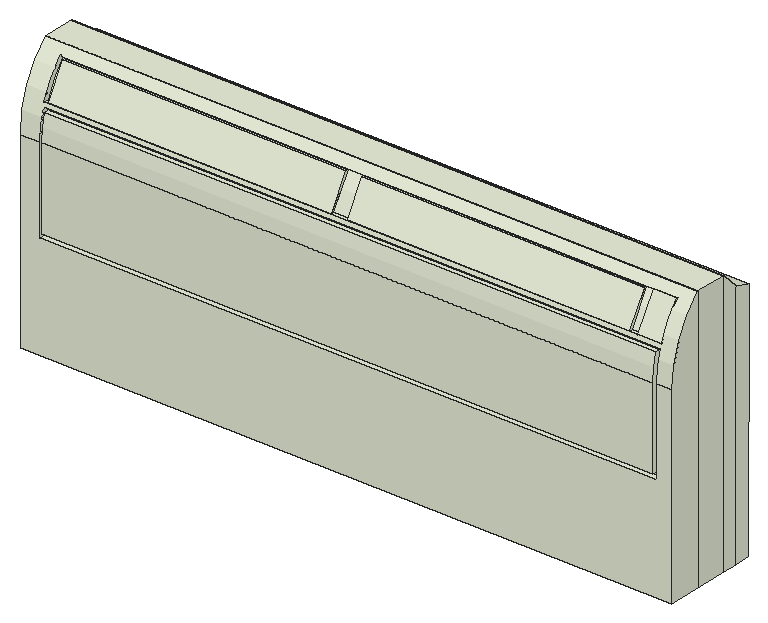
Revit family "Trane_TVR_Indoor_Ceiling & Floor_4TVX0038(48)EF000AA(2nd DC)", category Equipamento mecânico, Revit 2019
Family settings
  Cota do conector redondo = Utilizar diâmetro
  Tipo de parte = Normal
  Número OmniClass = 23.75.00.00
  Título OmniClass = Climate Control (HVAC)
  Com base no plano de trabalho = Não
  Sempre na vertical = Sim
  Corte com vazios quando carregada = Não
  Compartilhado = Não
  Ponto de cálculo do ambiente = Não
Parameters (values of type "4TVX0048EF000AA")
  Width = 1670.000 mm
  URL = "https://www.trane.com/commercial/latin-america/br/pt.html"
  Series = "TVR LX"
  Power supply = "220-240V ~50/60Hz"
  Panel color = "S1004"
  Net Weight = 48.00 kg
  Modelo = "4TVX0048EF000AA"
  Fabricante = "Trane"
  Machine material = Galvanized Steel
  MFA (Maximum Fuse Amps) = 15 A
  MCA (Minimum Circuit Amps) = 1.43 A
  Liquid pipe = 9.530 mm
  Installation = "Indoor installation"
  Height = 244.000 mm
  Heating Power Input = 180 W
  Heating Capacity = 15 kW
  Gas pipe = 15.900 mm
  Gas = "R410a"
  Descrição = "High efficiency air cooled"
  Depth = 680.000 mm
  Cooling Power Input = 180 W
  Cooling Capacity = 14 kW
  Condensation = "air"
  Air  Flow = "1980/1940/1900/1860/1810/1770/1730 m3/h"
Types (3, lengths in mm): name | Series | Modelo | Heating Capacity | Cooling Capacity | Air  Flow
  (no name) | "TVR LX" | "4TVX0048EF000AA" | 15 kW | 14 kW | "1980/1940/1900/1860/1810/1770/1730 m3/h"
  4TVX0038EF000AA | "TVR ULTRA" | "4TVX0038EF000AA" | 12.5 kW | 11.2 kW | "1890/1830/1765/1700/1660/1620/1580 m3/h"
  4TVX0048EF000AA | "TVR LX" | "4TVX0048EF000AA" | 15 kW | 14 kW | "1980/1940/1900/1860/1810/1770/1730 m3/h"
Reference planes
  plane 1 "中心(前/后)": y = 0
  plane 2: z = 0
  plane 3 "中心(左/右)": x = 0
  plane 4: z = 575.645
  plane 5: z = 280
  plane 6: x = 1175
Forms (mm)
  Extrusion 1, solid, material "Galvanized Steel" <- "Machine material", detail levels medium+fine
    sketch origin (0, 0, 0) x (0, 1, 0) y (0, 0, 1)
      loop
        line (-39, 690) -> (-120, 690) -> (-120, 10) -> (-39, 10) -> (-39, 690)
    from 1175 to -495
  Extrusion 2, solid, material "Galvanized Steel" <- "Machine material", detail levels medium+fine
    sketch origin (0, 41, 0) x (0, 1, 0) y (0, 0, 1)
      loop
        line (-80, 690) -> (-80, 10) -> (-40, 10) -> (-40, 650) -> (-80, 690)
    from 1175 to -495
  Extrusion 3, solid, material "Galvanized Steel" <- "Machine material", detail levels medium+fine
    sketch origin (0, 41, 0) x (0, 1, 0) y (0, 0, 1)
      loop
        line (0, 626.906) -> (0, 635.441) -> (-40, 650) -> (-40, 10) -> (0, 10) -> (0, 626.906)
    from 1175 to -495
  Extrusion 4, solid, material "Galvanized Steel" <- "Machine material", detail levels medium+fine
    sketch origin (0, 0, 0) x (0, 1, 0) y (0, 0, 1)
      loop
        line (-120, 10) -> (-120, 690)
        arc (-120, 690) -> (-181.345, 603.669) -> (-203, 500) r 258.97
        line (-203, 500) -> (-203, 10) -> (-120, 10)
    from 1175 to -495
  Extrusion 5, void
    sketch origin (0, 0, 0) x (0, 1, 0) y (0, 0, 1)
      loop
        line (-188.653, 585) -> (-178.041, 585)
        arc (-178.041, 585) -> (-156.282, 630.135) -> (-125.926, 670) r 248.97
        line (-125.926, 670) -> (-139.39, 670)
        arc (-139.39, 670) -> (-168.089, 629.857) -> (-188.653, 585) r 258.97
    from 1135.97 to -445
  Extrusion 6, solid, material "Galvanized Steel" <- "Machine material", detail levels fine
    sketch origin (0, 0, 0) x (0, 1, 0) y (0, 0, 1)
      loop
        line (-148.104, 670) -> (-193.89, 591) -> (-188.048, 591) -> (-142.262, 670) -> (-148.104, 670)
    from 1060.085 to 336.316
  Extrusion 7, void
    sketch origin (0, 0, 0) x (0, 1, 0) y (0, 0, 1)
      loop
        line (-15, 23.801) -> (-15, 415.429) -> (-188, 415.429) -> (-188, 23.801) -> (-15, 23.801)
    from 1135.97 to -480
  Extrusion 8, solid, detail levels medium+fine
    sketch origin (0, 41, 0) x (1, 0, 0) y (0, 1, 0)
      loop
        circle (-455, -63.5) r 4.765
    from 415.429 to 38.057
  Extrusion 9, solid, detail levels medium+fine
    sketch origin (0, 0, 0) x (1, 0, 0) y (0, 1, 0)
      loop
        circle (-440.5, -96.5) r 7.95
    from 415.429 to 50
  Extrusion 10, solid, detail levels medium+fine
    sketch origin (0, 41, 0) x (1, 0, 0) y (0, 1, 0)
      loop
        circle (-393.436, -63.5) r 12.5
    from 415.429 to 50
  Extrusion 11, void
    sketch origin (0, 0, 0) x (0, 1, 0) y (0, 0, 1)
      loop
        arc (-191.706, 575.645) -> (-200.161, 538.242) -> (-203, 500) r 258.97
        line (-203, 500) -> (-203, 280) -> (-188, 280) -> (-188, 415.429) -> (-179.603, 575.645) -> (-191.706, 575.645)
    from 1135.97 to -445
  Extrusion 12, solid, material "Galvanized Steel" <- "Machine material", detail levels medium+fine
    sketch origin (0, 0, 0) x (0, 1, 0) y (0, 0, 1)
      loop
        line (-188, 415.429) -> (-180.127, 565.659) -> (-194.538, 565.659)
        arc (-194.538, 565.659) -> (-200.876, 533.101) -> (-203, 500) r 258.97
        line (-203, 500) -> (-203, 290) -> (-188, 290) -> (-188, 415.429)
    from 1126.31 to -440
  Extrusion 13, solid, material "Galvanized Steel" <- "Machine material", detail levels fine
    sketch origin (1810.97, 0, 0) x (0, 1, 0) y (0, 0, -1)
      loop
        line (-139.39, -670) -> (-134.084, -670) -> (-183.347, -585) -> (-188.653, -585) -> (-139.39, -670)
    from 735 to 675
  Extrusion 14, solid, material "Galvanized Steel" <- "Machine material", detail levels fine
    sketch origin (630.97, 0, 0) x (0, 1, 0) y (0, 0, -1)
      loop
        line (-148.104, -670) -> (-142.262, -670) -> (-188.048, -591) -> (-193.89, -591) -> (-148.104, -670)
    from 1060.085 to 336.316
Cuts and joins
  Extrusion 5, Extrusion 7, Extrusion 11 cuts Extrusion 4
  Extrusion 7 cuts Extrusion 1
  Extrusion 7 cuts Extrusion 2
  Extrusion 7 cuts Extrusion 3
Lines and regions (mm)
  model lines, detail levels fine
    curve 1: line (-495, -163, 50) -> (-495, -163, 250)
    curve 8: line (-495, -163, 250) -> (-495, -203, 250)
    curve 9: line (-495, -163, 240) -> (-495, -203, 240)
    curve 10: line (-495, -163, 230) -> (-495, -203, 230)
    curve 11: line (-495, -163, 220) -> (-495, -203, 220)
    curve 12: line (-495, -163, 210.215) -> (-495, -203, 210.215)
    curve 13: line (-495, -163, 220) -> (-495, -203, 220)
    curve 14: line (-495, -163, 210) -> (-495, -203, 210)
    curve 15: line (-495, -163, 200) -> (-495, -203, 200)
    curve 16: line (-495, -163, 170) -> (-495, -203, 170)
    curve 17: line (-495, -163, 160) -> (-495, -203, 160)
    curve 18: line (-495, -163, 150) -> (-495, -203, 150)
    curve 19: line (-495, -163, 140) -> (-495, -203, 140)
    curve 20: line (-495, -163, 130) -> (-495, -203, 130)
    curve 21: line (-495, -163, 120) -> (-495, -203, 120)
    curve 22: line (-495, -163, 110) -> (-495, -203, 110)
    curve 23: line (-495, -163, 100) -> (-495, -203, 100)
    curve 24: line (-495, -163, 90) -> (-495, -203, 90)
    curve 25: line (-495, -163, 80) -> (-495, -203, 80)
    curve 26: line (-495, -163, 70) -> (-495, -203, 70)
    curve 27: line (-495, -163, 60) -> (-495, -203, 60)
    curve 28: line (-495, -163, 50) -> (-495, -203, 50)
    curve 29: line (-495, -163, 200) -> (-495, -203, 200)
    curve 30: line (-495, -163, 190) -> (-495, -203, 190)
    curve 31: line (-495, -163, 180) -> (-495, -203, 180)
    curve 32: line (-495, -203, 250) -> (1175, -203, 250)
    curve 33: line (1175, -203, 50) -> (-495, -203, 50)
    curve 34: line (-495, -203, 240) -> (1175, -203, 240)
    curve 35: line (-495, -203, 230) -> (1175, -203, 230)
    curve 36: line (-495, -203, 220) -> (1175, -203, 220)
    curve 37: line (-495, -203, 210) -> (1175, -203, 210)
    curve 38: line (-495, -203, 200) -> (1175, -203, 200)
    curve 39: line (-495, -203, 190) -> (1175, -203, 190)
    curve 40: line (-495, -203, 181.34) -> (1175, -203, 181.34)
    curve 41: line (-495, -203, 171.34) -> (1175, -203, 171.34)
    curve 42: line (-495, -203, 161.34) -> (1175, -203, 161.34)
    curve 43: line (-495, -203, 151.34) -> (1175, -203, 151.34)
    curve 44: line (-495, -203, 141.34) -> (1175, -203, 141.34)
    curve 45: line (-495, -203, 131.34) -> (1175, -203, 131.34)
    curve 46: line (-495, -203, 121.34) -> (1175, -203, 121.34)
    curve 47: line (-495, -203, 111.34) -> (1175, -203, 111.34)
    curve 48: line (-495, -203, 101.34) -> (1175, -203, 101.34)
    curve 49: line (-495, -203, 91.34) -> (1175, -203, 91.34)
    curve 50: line (-495, -203, 81.34) -> (1175, -203, 81.34)
    curve 51: line (-495, -203, 71.34) -> (1175, -203, 71.34)
    curve 52: line (-495, -203, 61.34) -> (1175, -203, 61.34)
    curve 58: line (1175, -163, 250) -> (1175, -203, 250)
    curve 59: line (1175, -163, 240) -> (1175, -203, 240)
    curve 60: line (1175, -163, 230) -> (1175, -203, 230)
    curve 61: line (1175, -163, 220) -> (1175, -203, 220)
    curve 62: line (1175, -163, 210.215) -> (1175, -203, 210.215)
    curve 63: line (1175, -163, 170) -> (1175, -203, 170)
    curve 64: line (1175, -163, 160) -> (1175, -203, 160)
    curve 65: line (1175, -163, 150) -> (1175, -203, 150)
    curve 66: line (1175, -163, 140) -> (1175, -203, 140)
    curve 67: line (1175, -163, 130) -> (1175, -203, 130)
    curve 68: line (1175, -163, 120) -> (1175, -203, 120)
    curve 69: line (1175, -163, 110) -> (1175, -203, 110)
    curve 70: line (1175, -163, 100) -> (1175, -203, 100)
    curve 71: line (1175, -163, 90) -> (1175, -203, 90)
    curve 72: line (1175, -163, 80) -> (1175, -203, 80)
    curve 73: line (1175, -163, 70) -> (1175, -203, 70)
    curve 74: line (1175, -163, 60) -> (1175, -203, 60)
    curve 75: line (1175, -163, 50) -> (1175, -203, 50)
    curve 76: line (1175, -163, 200) -> (1175, -203, 200)
    curve 77: line (1175, -163, 190) -> (1175, -203, 190)
    curve 78: line (1175, -163, 180) -> (1175, -203, 180)
    curve 86: line (1175, -163, 250) -> (1175, -163, 50)
    curve 87: circle (1123.611, -144.575, 661.053) r 4 normal (0, 0.8652, -0.5014)
    curve 88: circle (1123.611, -150.363, 651.067) r 4 normal (0, 0.8652, -0.5014)
    curve 89: circle (1123.611, -156.491, 640.493) r 4 normal (0, 0.8652, -0.5014)
    curve 90: circle (1123.611, -162.96, 629.332) r 4 normal (0, 0.8652, -0.5014)
    curve 91: circle (1123.611, -168.604, 619.594) r 4 normal (0, 0.8652, -0.5014)
    curve 92: line (1091.594, -175.609, 607.507) -> (1091.594, -181.912, 596.63)
    curve 93: line (1116.594, -175.609, 607.507) -> (1091.594, -175.609, 607.507)
    curve 94: line (1091.594, -181.912, 596.63) -> (1116.594, -181.912, 596.63)
    curve 95: arc (1116.594, -175.609, 607.507) -> (1122.879, -178.761, 602.069) -> (1116.594, -181.912, 596.63) r 6.286
  model lines
    curve 2: line (-495, 41, 635.441) -> (-495, 1, 650)
    curve 3: line (-495, -80, 690) -> (-495, -120, 690)
    curve 4: line (-495, 41, 635.441) -> (-495, 41, 10)
    curve 5: line (-495, -203, 10) -> (-495, -203, 500)
    curve 6: arc (-495, -203, 500) -> (-495, -181.345, 603.669) -> (-495, -120, 690) r 258.97
    curve 7: line (-495, -120, 690) -> (1175, -120, 690)
    curve 53: line (1175, 41, 10) -> (-495, 41, 10)
    curve 54: line (-495, -203, 10) -> (1175, -203, 10)
    curve 55: line (-495, -203, 10) -> (-495, 41, 10)
    curve 56: line (1175, 41, 635.441) -> (-495, 41, 635.441)
    curve 57: line (-495, -39, 690) -> (-495, -120, 690)
    curve 79: line (1175, -39, 690) -> (1175, -120, 690)
    curve 80: arc (1175, -203, 500) -> (1175, -181.345, 603.669) -> (1175, -120, 690) r 258.97
    curve 81: line (1175, 41, 635.441) -> (1175, 1, 650)
    curve 82: line (1175, 1, 650) -> (1175, -39, 690)
    curve 83: line (1175, 41, 635.441) -> (1175, 41, 10)
    curve 84: line (1175, -203, 10) -> (1175, -203, 500)
    curve 85: line (1175, -203, 10) -> (1175, 41, 10)
    curve 96: line (-495, 1, 650) -> (-495, -39, 690)
Dimensions and locks
  cut or joined group of Extrusion 2, Extrusion 7 to Extrusion 10 = 40.000 mm
  "Depth": cut or joined group of Extrusion 4, Extrusion 5, Extrusion 7, Extrusion 11 to cut or joined group of Extrusion 1, Extrusion 7
  "Height": cut or joined group of Extrusion 4, Extrusion 5, Extrusion 7, Extrusion 11 to cut or joined group of Extrusion 3, Extrusion 7
  cut or joined group of Extrusion 4, Extrusion 5, Extrusion 7, Extrusion 11 to Extrusion 12 = 1621.310 mm
  "Width": cut or joined group of Extrusion 3, Extrusion 7 to curve 82
  aligned and locked: level to plane 2
Automatic sketch dimensions
  plane 1 "中心(前/后)" to Extrusion 1 sketch curve = 120.000 mm
  level to Extrusion 1 sketch curve = 10.000 mm
  plane 1 "中心(前/后)" to Extrusion 1 sketch curve = 39.000 mm
  Extrusion 1 sketch curve to Extrusion 1 sketch curve = 680.000 mm
  plane 1 "中心(前/后)" to Extrusion 2 sketch curve = 39.000 mm
  level to Extrusion 2 sketch curve = 10.000 mm
  Extrusion 2 sketch curve to plane 1 "中心(前/后)" = 1.000 mm
  Extrusion 2 sketch curve to Extrusion 2 sketch curve = 640.000 mm
  Extrusion 2 sketch curve to Extrusion 2 sketch curve = 40.000 mm
  Extrusion 3 sketch curve to plane 1 "中心(前/后)" = 1.000 mm
  level to Extrusion 3 sketch curve = 10.000 mm
  Extrusion 3 sketch curve to plane 1 "中心(前/后)" = 41.000 mm
  Extrusion 3 sketch curve to Extrusion 3 sketch curve = 616.906 mm
  Extrusion 3 sketch curve to Extrusion 3 sketch curve = 8.535 mm
  Extrusion 3 sketch curve to Extrusion 3 sketch curve = 14.559 mm
  plane 1 "中心(前/后)" to Extrusion 4 sketch curve = 203.000 mm
  level to Extrusion 4 sketch curve = 10.000 mm
  Extrusion 4 sketch curve to Extrusion 4 sketch curve = 83.000 mm
  Extrusion 4 sketch curve to plane 1 "中心(前/后)" = 55.970 mm
  Extrusion 4 sketch curve to Extrusion 4 sketch curve = 490.000 mm
  Extrusion 5 sketch curve to Extrusion 5 sketch curve = 0.000 mm  (x2)
  plane 1 "中心(前/后)" to Extrusion 5 sketch curve = 188.653 mm
  level to Extrusion 5 sketch curve = 585.000 mm
  Extrusion 5 sketch curve to Extrusion 5 sketch curve = 10.612 mm
  Extrusion 5 sketch curve to Extrusion 5 sketch curve = 38.651 mm
  Extrusion 5 sketch curve to Extrusion 5 sketch curve = 13.464 mm
  Extrusion 5 sketch curve to Extrusion 5 sketch curve = 85.000 mm
  plane 1 "中心(前/后)" to Extrusion 6 sketch curve = 193.890 mm
  level to Extrusion 6 sketch curve = 591.000 mm
  Extrusion 6 sketch curve to Extrusion 6 sketch curve = 5.843 mm  (x2)
  Extrusion 6 sketch curve to Extrusion 6 sketch curve = 39.943 mm
  Extrusion 6 sketch curve to Extrusion 6 sketch curve = 79.000 mm
  curve 92 to curve 92 = 12.571 mm
  curve 87 to curve 95 = 61.890 mm
  curve 87 to curve 88 = 11.542 mm
  curve 88 to curve 89 = 12.221 mm
  curve 89 to curve 90 = 12.900 mm
  curve 90 to curve 91 = 11.255 mm
  curve 95 to curve 90 = 7.017 mm
  curve 89 to curve 90 = 0.000 mm
  curve 88 to curve 89 = 0.000 mm
  curve 87 to curve 88 = 0.000 mm
  curve 91 to curve 90 = 0.000 mm
  Extrusion 4 to curve 1 = 40.000 mm  (x2)
  curve 1 to curve 1 = 200.000 mm
  level to Extrusion 7 sketch curve = 23.801 mm
  plane 1 "中心(前/后)" to Extrusion 7 sketch curve = 188.000 mm
  plane 1 "中心(前/后)" to Extrusion 7 sketch curve = 15.000 mm
  level to Extrusion 7 sketch curve = 415.429 mm
  plane 1 "中心(前/后)" to Extrusion 8 sketch curve = 22.500 mm
  plane 1 "中心(前/后)" to Extrusion 9 sketch curve = 96.500 mm
  plane 1 "中心(前/后)" to Extrusion 10 sketch curve = 22.500 mm
  Extrusion 11 sketch curve to plane 5 = 0.000 mm
  Extrusion 11 sketch curve to plane 4 = 0.000 mm
  plane 1 "中心(前/后)" to Extrusion 11 sketch curve = 203.000 mm
  plane 5 to Extrusion 11 sketch curve = 135.429 mm
  Extrusion 11 sketch curve to Extrusion 11 sketch curve = 11.294 mm
  Extrusion 11 sketch curve to Extrusion 11 sketch curve = 15.000 mm
  Extrusion 11 sketch curve to Extrusion 11 sketch curve = 12.102 mm
  Extrusion 11 sketch curve to plane 1 "中心(前/后)" = 55.970 mm
  plane 1 "中心(前/后)" to Extrusion 12 sketch curve = 203.000 mm
  level to Extrusion 12 sketch curve = 290.000 mm
  Extrusion 12 sketch curve to Extrusion 12 sketch curve = 8.462 mm
  Extrusion 12 sketch curve to Extrusion 12 sketch curve = 15.000 mm
  Extrusion 12 sketch curve to Extrusion 12 sketch curve = 14.411 mm
  Extrusion 12 sketch curve to plane 1 "中心(前/后)" = 55.970 mm
  Extrusion 12 sketch curve to Extrusion 12 sketch curve = 125.429 mm
  Extrusion 12 sketch curve to Extrusion 12 sketch curve = 84.571 mm
  level to curve 7 = 690.000 mm
  level to curve 28 = 50.000 mm
  curve 28 to curve 27 = 10.000 mm
  curve 27 to curve 26 = 10.000 mm
  curve 26 to curve 25 = 10.000 mm
  curve 25 to curve 24 = 10.000 mm
  curve 24 to curve 23 = 10.000 mm
  curve 23 to curve 22 = 10.000 mm
  curve 22 to curve 21 = 10.000 mm
  curve 21 to curve 20 = 10.000 mm
  curve 20 to curve 19 = 10.000 mm
  curve 19 to curve 18 = 10.000 mm
  curve 18 to curve 17 = 10.000 mm
  curve 17 to curve 16 = 10.000 mm
  curve 16 to curve 31 = 10.000 mm
  curve 31 to curve 30 = 10.000 mm
  curve 30 to curve 29 = 10.000 mm
  curve 15 to curve 29 = 0.000 mm  (x2)
  curve 15 to curve 14 = 10.000 mm
  curve 14 to curve 12 = 0.215 mm
  curve 12 to curve 11 = 9.785 mm
  curve 13 to curve 11 = 0.000 mm  (x2)
  curve 11 to curve 10 = 10.000 mm
  curve 10 to curve 9 = 10.000 mm
  curve 9 to curve 8 = 10.000 mm
  plane 1 "中心(前/后)" to curve 8 = 163.000 mm
  curve 31 to curve 8 = 0.000 mm
  curve 9 to curve 8 = 0.000 mm
  curve 30 to curve 31 = 0.000 mm
  curve 10 to curve 9 = 0.000 mm
  curve 29 to curve 30 = 0.000 mm
  curve 11 to curve 10 = 0.000 mm
  curve 28 to curve 31 = 0.000 mm
  curve 12 to curve 11 = 0.000 mm
  curve 27 to curve 28 = 0.000 mm
  curve 26 to curve 27 = 0.000 mm
  curve 14 to curve 12 = 0.000 mm
  curve 25 to curve 26 = 0.000 mm
  curve 24 to curve 25 = 0.000 mm
  curve 16 to curve 31 = 0.000 mm
  curve 23 to curve 24 = 0.000 mm
  curve 17 to curve 16 = 0.000 mm
  curve 22 to curve 23 = 0.000 mm
  curve 18 to curve 17 = 0.000 mm
  curve 21 to curve 22 = 0.000 mm
  curve 19 to curve 18 = 0.000 mm
  curve 20 to curve 21 = 0.000 mm
  curve 19 to curve 19 = 40.000 mm
  curve 20 to curve 19 = 0.000 mm
  curve 18 to curve 19 = 0.000 mm
  curve 21 to curve 20 = 0.000 mm
  curve 17 to curve 18 = 0.000 mm
  curve 22 to curve 21 = 0.000 mm
  curve 16 to curve 17 = 0.000 mm
  curve 23 to curve 22 = 0.000 mm
  curve 15 to curve 16 = 0.000 mm
  curve 24 to curve 23 = 0.000 mm
  curve 14 to curve 15 = 0.000 mm
  curve 25 to curve 24 = 0.000 mm
  curve 13 to curve 14 = 0.000 mm
  curve 26 to curve 25 = 0.000 mm
  curve 12 to curve 14 = 0.000 mm
  curve 27 to curve 26 = 0.000 mm
  curve 11 to curve 13 = 0.000 mm
  curve 28 to curve 27 = 0.000 mm
  curve 10 to curve 11 = 0.000 mm
  curve 29 to curve 15 = 0.000 mm
  curve 9 to curve 10 = 0.000 mm
  curve 30 to curve 15 = 0.000 mm
  curve 8 to curve 9 = 0.000 mm
  curve 31 to curve 16 = 0.000 mm
  level to curve 33 = 50.000 mm
  curve 33 to curve 52 = 11.340 mm
  curve 52 to curve 51 = 10.000 mm
  curve 51 to curve 50 = 10.000 mm
  curve 50 to curve 49 = 10.000 mm
  curve 49 to curve 48 = 10.000 mm
  curve 48 to curve 47 = 10.000 mm
  curve 47 to curve 46 = 10.000 mm
  curve 46 to curve 45 = 10.000 mm
  curve 45 to curve 44 = 10.000 mm
  curve 44 to curve 43 = 10.000 mm
  curve 43 to curve 42 = 10.000 mm
  curve 42 to curve 41 = 10.000 mm
  curve 41 to curve 40 = 10.000 mm
  curve 40 to curve 39 = 8.660 mm
  curve 39 to curve 38 = 10.000 mm
  curve 38 to curve 37 = 10.000 mm
  curve 37 to curve 36 = 10.000 mm
  curve 36 to curve 35 = 10.000 mm
  curve 35 to curve 34 = 10.000 mm
  curve 34 to curve 32 = 10.000 mm
  plane 1 "中心(前/后)" to curve 55 = 203.000 mm
  curve 55 to plane 1 "中心(前/后)" = 41.000 mm
  curve 56 to plane 1 "中心(前/后)" = 41.000 mm
  level to curve 86 = 50.000 mm
  curve 86 to curve 86 = 200.000 mm
  plane 1 "中心(前/后)" to curve 86 = 163.000 mm
  plane 1 "中心(前/后)" to Extrusion 13 sketch curve = 188.653 mm
  plane 1 "中心(前/后)" to Extrusion 13 sketch curve = 139.390 mm
  level to Extrusion 13 sketch curve = 670.000 mm
  Extrusion 13 sketch curve to Extrusion 13 sketch curve = 5.306 mm  (x2)
  Extrusion 13 sketch curve to Extrusion 13 sketch curve = 85.000 mm
  plane 1 "中心(前/后)" to Extrusion 14 sketch curve = 193.890 mm
  plane 1 "中心(前/后)" to Extrusion 14 sketch curve = 148.104 mm
  level to Extrusion 14 sketch curve = 670.000 mm
  Extrusion 14 sketch curve to Extrusion 14 sketch curve = 5.843 mm  (x2)
  Extrusion 14 sketch curve to Extrusion 14 sketch curve = 79.000 mm
  curve 92 to plane 6 = 83.406 mm
  curve 93 to plane 6 = 58.406 mm
  curve 7 to plane 6 = 0.000 mm
  plane 6 to curve 42 = 0.000 mm
  plane 6 to curve 40 = 0.000 mm
  plane 6 to curve 43 = 0.000 mm
  plane 6 to curve 39 = 0.000 mm
  plane 6 to curve 44 = 0.000 mm
  plane 6 to curve 38 = 0.000 mm
  plane 6 to curve 45 = 0.000 mm
  plane 6 to curve 37 = 0.000 mm
  plane 6 to curve 46 = 0.000 mm
  plane 6 to curve 36 = 0.000 mm
  plane 6 to curve 47 = 0.000 mm
  plane 6 to curve 35 = 0.000 mm
  plane 6 to curve 48 = 0.000 mm
  plane 6 to curve 34 = 0.000 mm
  plane 6 to curve 49 = 0.000 mm
  curve 33 to plane 6 = 0.000 mm
  curve 50 to plane 6 = 0.000 mm
  plane 6 to curve 32 = 0.000 mm
  curve 51 to plane 6 = 0.000 mm
  plane 6 to curve 41 = 0.000 mm
  curve 52 to plane 6 = 0.000 mm
  curve 85 to plane 6 = 0.000 mm
  curve 56 to plane 6 = 0.000 mm
  Extrusion 8 sketch curve to plane 3 "中心(左/右)" = 455.000 mm
  Extrusion 9 sketch curve to plane 3 "中心(左/右)" = 440.500 mm
  Extrusion 10 sketch curve to plane 3 "中心(左/右)" = 393.436 mm
  curve 7 to plane 3 "中心(左/右)" = 495.000 mm
  curve 52 to plane 3 "中心(左/右)" = 495.000 mm
  curve 52 to curve 42 = 0.000 mm
  curve 42 to curve 41 = 0.000 mm
  curve 43 to curve 42 = 0.000 mm
  curve 41 to curve 40 = 0.000 mm
  curve 44 to curve 43 = 0.000 mm
  curve 40 to curve 39 = 0.000 mm
  curve 45 to curve 44 = 0.000 mm
  curve 39 to curve 38 = 0.000 mm
  curve 46 to curve 45 = 0.000 mm
  curve 38 to curve 37 = 0.000 mm
  curve 47 to curve 46 = 0.000 mm
  curve 37 to curve 36 = 0.000 mm
  curve 48 to curve 47 = 0.000 mm
  curve 36 to curve 35 = 0.000 mm
  curve 49 to curve 48 = 0.000 mm
  curve 35 to curve 34 = 0.000 mm
  curve 33 to curve 52 = 0.000 mm
  curve 50 to curve 49 = 0.000 mm
  curve 51 to curve 50 = 0.000 mm
  curve 34 to curve 32 = 0.000 mm
  curve 55 to plane 3 "中心(左/右)" = 495.000 mm
  curve 56 to plane 3 "中心(左/右)" = 495.000 mm
  plane 1 "中心(前/后)" to curve 84 = 203.000 mm
  plane 1 "中心(前/后)" to curve 79 = 120.000 mm
  level to curve 79 = 690.000 mm
  plane 1 "中心(前/后)" to curve 79 = 39.000 mm
  curve 81 to plane 1 "中心(前/后)" = 1.000 mm
  curve 83 to plane 1 "中心(前/后)" = 41.000 mm
  curve 73 to curve 73 = 40.000 mm
  curve 74 to curve 73 = 0.000 mm
  curve 72 to curve 73 = 0.000 mm
  curve 75 to curve 74 = 0.000 mm
  curve 71 to curve 72 = 0.000 mm
  curve 76 to curve 76 = 40.000 mm
  curve 70 to curve 71 = 0.000 mm
  curve 77 to curve 76 = 0.000 mm
  curve 69 to curve 70 = 0.000 mm
  curve 78 to curve 77 = 0.000 mm
  curve 68 to curve 69 = 0.000 mm
  curve 67 to curve 68 = 0.000 mm
  curve 66 to curve 67 = 0.000 mm
  curve 59 to curve 76 = 0.000 mm
  curve 65 to curve 66 = 0.000 mm
  curve 60 to curve 59 = 0.000 mm
  curve 64 to curve 65 = 0.000 mm
  curve 63 to curve 64 = 0.000 mm
  curve 62 to curve 76 = 0.000 mm
  curve 61 to curve 62 = 0.000 mm
  curve 58 to curve 59 = 0.000 mm
  curve 80 to plane 1 "中心(前/后)" = 55.970 mm
  curve 79 to curve 82 = 40.000 mm
  curve 81 to curve 83 = 14.559 mm
  level to curve 58 = 250.000 mm
  curve 58 to curve 59 = 10.000 mm
  curve 59 to curve 60 = 10.000 mm
  curve 60 to curve 61 = 10.000 mm
  curve 61 to curve 62 = 9.785 mm
  curve 62 to curve 76 = 10.215 mm
  curve 76 to curve 77 = 10.000 mm
  curve 77 to curve 78 = 10.000 mm
  curve 78 to curve 63 = 10.000 mm
  curve 63 to curve 64 = 10.000 mm
  curve 64 to curve 65 = 10.000 mm
  curve 65 to curve 66 = 10.000 mm
  curve 66 to curve 67 = 10.000 mm
  curve 67 to curve 68 = 10.000 mm
  curve 68 to curve 69 = 10.000 mm
  curve 69 to curve 70 = 10.000 mm
  curve 70 to curve 71 = 10.000 mm
  curve 71 to curve 72 = 10.000 mm
  curve 72 to curve 73 = 10.000 mm
  curve 73 to curve 74 = 10.000 mm
  curve 74 to curve 75 = 10.000 mm
  level to curve 84 = 10.000 mm
  level to curve 83 = 10.000 mm
  plane 1 "中心(前/后)" to curve 5 = 203.000 mm
  level to curve 5 = 500.000 mm
  curve 2 to plane 1 "中心(前/后)" = 1.000 mm
  curve 6 to curve 96 = 150.000 mm
  curve 2 to curve 3 = 40.000 mm
  level to curve 4 = 10.000 mm
  level to curve 5 = 10.000 mm
  curve 4 to curve 2 = 14.559 mm
  plane 1 "中心(前/后)" to curve 57 = 39.000 mm
  curve 57 to curve 57 = 81.000 mm
  curve 4 to plane 1 "中心(前/后)" = 41.000 mm
  curve 3 to curve 6 = 40.000 mm
  radius of curve 87 = 4.000 mm
  radius of curve 88 = 4.000 mm
  radius of curve 89 = 4.000 mm
  radius of curve 90 = 4.000 mm
  radius of curve 91 = 4.000 mm
  radius of Extrusion 8 sketch curve = 4.765 mm
  radius of Extrusion 9 sketch curve = 7.950 mm
  radius of Extrusion 10 sketch curve = 12.500 mm
Connectors
  piping at (-393.436, -22.5, 50), diameter 25
    settings: on Extrusion 10, index 5, connector inside diameter 25 mm, connector length 0.000 mm, flow factor 0, pipe flow 0.0 m³/h, pressure drop 0.0 Pa, fitting loss kfactor 0, connector angle 0.00°, fixture units 0, engagement length 0.000 mm, angle of deflection 0.00°, flow configuration 1, flow direction 2, fitting loss method 0, system type 29, joint type 0, gender type 0, connector reference index -1, connector utility 0, adjustable connector no, is connector primary yes, connector description "Drain pipe OD Φ 25mm"
  piping at (-440.5, -96.5, 50), diameter 15.9
    settings: on Extrusion 9, index 6, connector inside diameter 15.9 mm, connector length 0.000 mm, flow factor 0, pipe flow 0.0 m³/h, pressure drop 0.0 Pa, fitting loss kfactor 0, connector angle 0.00°, fixture units 0, engagement length 0.000 mm, angle of deflection 0.00°, flow configuration 1, flow direction 0, fitting loss method 4, system type 22, joint type 0, gender type 0, connector reference index -1, connector utility 0, adjustable connector no, is connector primary no, connector description "Gas pipe Φ15.9mm"
  electrical at (1175, -161.5, 302.5)
    settings: on cut or joined group of Extrusion 4, Extrusion 5, Extrusion 7, Extrusion 11, index 9, voltage 0 V, apparent load 0 VA, apparent load phase1 0 VA, apparent load phase2 0 VA, apparent load phase3 0 VA, power factor 1, load classification "Other", number of poles 1, system type 30, power factor state 1, is connector primary yes, connector utility no, sub classification motor no, connector description "The location of  electrical connectors is not the same as the actual location because the wiring terminal is inside the unit."
